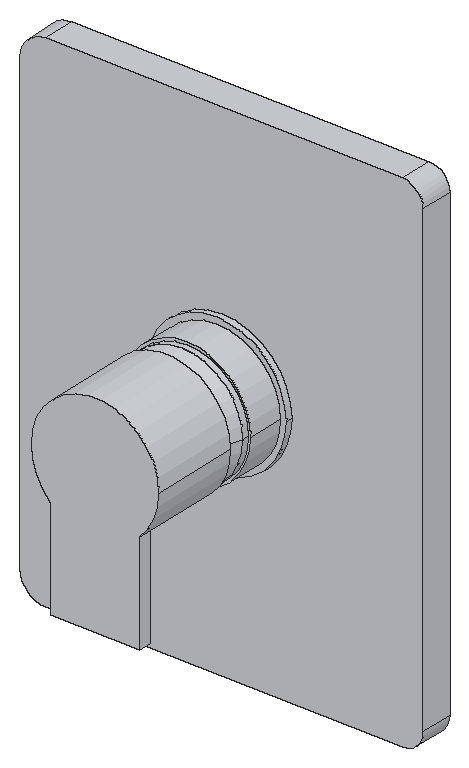
Revit family "SLM808", category Modelos genéricos, Revit 2014
Parameters
  Width = 75 mm
  Modelo = "SLM808"  # constant formula
  Length = 158 mm
  Height = 200 mm
  Fabricante = "ENWARE"  # constant formula
  Author = "Yepsketch"  # constant formula
Reference planes
  plane 1 "Centro (Frontal/Posterior)": y = 0
  plane 2: z = 0
  plane 3 "Centro (Izquierda/Derecha)": x = 0
  plane 4: y = -13
  plane 5: y = -75
  plane 6: z = 100
  plane 7: z = -100
  plane 8: x = -79
  plane 9: x = 79
  plane 10: y = -15.5
  plane 11: y = -32.5
  plane 12: y = -30
  plane 13: y = -40
Forms (mm)
  Extrusion 1, solid
    sketch origin (0, 0, 0) x (1, 0, 0) y (0, 0, 1)
      loop
        arc (-69, 100) -> (-76.071, 97.071) -> (-79, 90) r 10
        line (-79, 90) -> (-79, -90)
        arc (-79, -90) -> (-76.071, -97.071) -> (-69, -100) r 10
        line (-69, -100) -> (71, -100)
        arc (71, -100) -> (76.657, -97.657) -> (79, -92) r 8
        line (79, -92) -> (79, 92)
        arc (79, 92) -> (76.657, 97.657) -> (71, 100) r 8
        line (71, 100) -> (-69, 100)
    from 0 to 13
  Extrusion 2, solid
    sketch origin (0, -13, 0) x (0, 0, -1) y (-1, 0, 0)
      loop
        circle (0, 0) r 27.5
    from 0 to -2.5
  Extrusion 3, solid
    sketch origin (0, -13, 0) x (1, 0, 0) y (0, 0, 1)
      loop
        circle (0, 0) r 25
    from 2.5 to 17
  Extrusion 4, solid
    sketch origin (0, -30, 0) x (0, 0, -1) y (-1, 0, 0)
      loop
        circle (0, 0) r 24
    from 0 to -2.5
  Blend 5, solid
    base sketch origin (0, -32.5, 0) x (0, 0, 1) y (-1, 0, 0)
      loop
        circle (0, 0) r 24
    top sketch origin (0, -32.5, 0) x (0, 0, 1) y (-1, 0, 0)
      loop
        circle (0, 0) r 22
    from 0 to 7.5
  Extrusion 6, solid
    sketch origin (0, -40, 0) x (0, 0, 1) y (-1, 0, 0)
      loop
        circle (0, 0) r 25
    from 0 to 35
  Extrusion 7, solid
    sketch origin (-17.5, 0, 0) x (0, 1, 0) y (0, 0, 1)
      loop
        line (-75, -12.5) -> (-75, -57.5) -> (-70, -57.5) -> (-70, -12.5) -> (-75, -12.5)
    from 0 to 35
Cuts and joins
  joined: Extrusion 6, Extrusion 7
Lines and regions (mm)
  symbolic lines
    curve 1: line (0, 0, 100) -> (0, -5, 100)
Dimensions and locks
  locked: Extrusion 1 to Extrusion 1 at 13  (x2)
  locked: Extrusion 1 to cut or joined group of Extrusion 6, Extrusion 7 at 75
  Extrusion 1 to cut or joined group of Extrusion 6, Extrusion 7 = 75 mm
  Extrusion 1 to curve 1 = 200 mm
  locked: Extrusion 3 to Extrusion 3 at 50
  aligned and locked: level to plane 2
  aligned and locked: Extrusion 1 to plane 1 "Centro (Frontal/Posterior)"
  aligned and locked: Extrusion 1 to plane 4
  aligned and locked: plane 4 to Extrusion 2
  aligned and locked: Extrusion 3 to Extrusion 2
  aligned and locked: Extrusion 4 to plane 12
  aligned and locked: Extrusion 6 to plane 13
  aligned and locked: Blend 5 to plane 11
